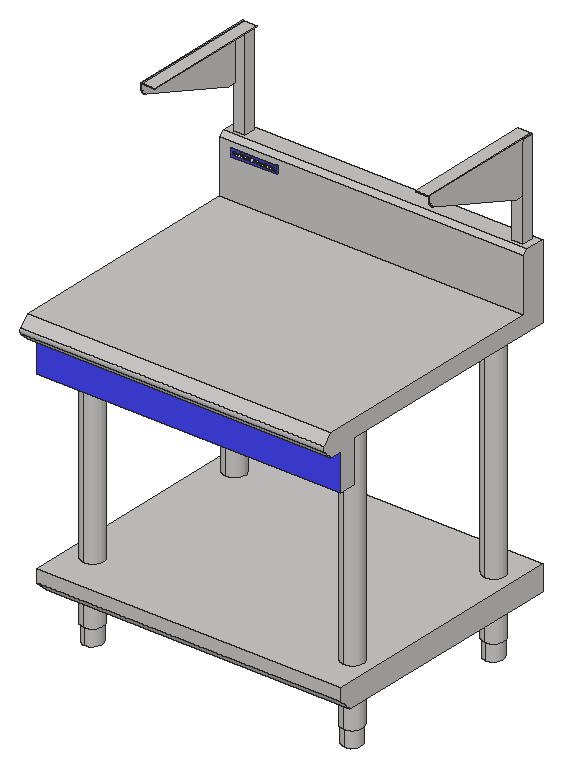
Revit family "QF_MOFFAT_BLUESEAL_CE_B90S-LS", category Specialty Equipment, Revit 2012
Parameters
  Weight in Pounds = 165  # constant formula
  Width [instance] = 900.00 mm  # constant formula
  URL Cutsheet = "www.moffat.com"
  URL = "www.moffat.com"
  Type Mark [instance] = ""
  Status [instance] = ""
  Specification by User [instance] = ""
  Specification by Manufacturer = ""
  Show Logo [instance] = yes
  Show Clearance [instance] = yes
  Show Casters [instance] = no
  Serial Number = ""
  Seismic Rating = ""
  SMACNA No = ""
  Revision Code [instance] = ""
  Omniclass Number and Title = ""
  NAFEM Spec ID Number = ""
  Model = "B90S-LS"
  Masterspec = ""
  Manufacturer = "MOFFAT BLUESEAL"
  Legs [instance] = not(Show Casters)  # yes
  Item Number [instance] = ""
  Installed By [instance] = ""
  Identify Quantity as Lot [instance] = yes
  Height = 1085.00 mm  # constant formula
  Furnished By [instance] = ""
  Foodservice Equipment Identifier [instance] = yes
  Description = "900MM BENCH TOP ON LEG STAND"
  Depth [instance] = 812.00 mm  # constant formula
  CSI MasterFormat = ""
  CSI Master Format = ""
  Body Finish [instance] = QF_Finishes_Stainless Steel
  Back Splash [instance] = 57.00 mm  # constant formula
Reference planes
  plane 1 "BACK": y = 0
  plane 2: z = 0
  plane 3 "LEFT": x = 0
  plane 4 "RIGHT": x = 900
  plane 5 "FRONT": y = -812
  plane 6 "TOP": z = 972
  plane 7 "Center Y": x = 450
  plane 8 "Center X": y = -406
  plane 9 "Base Height": z = 150
  plane 10: z = 915
  plane 11: x = 65
  plane 12: y = -625
  plane 13: y = -100
  plane 14: z = 1085
  plane 15: x = 835
Forms (mm)
  Extrusion 1, solid, material "QF_Finishes_Stainless Steel"
    sketch origin (0, 0, 0) x (0, 1, 0) y (0, 0, 1)
      loop
        line (-70, 1072.5) -> (-70, 915) -> (-783.97, 915) -> (-808.485, 890.485)
        arc (-808.485, 890.485) -> (-811.999, 882) -> (-808.485, 873.515) r 12
        line (-808.485, 873.515) -> (-784.97, 850) -> (-749, 850) -> (-749, 740) -> (-699, 740) -> (-699, 864.5) -> (0, 864.5) -> (0, 1085.5) -> (-57, 1085.5) -> (-70, 1072.5)
      loop
        line (0, 222.5) -> (-749, 222.5) -> (-749, 186) -> (-713, 150) -> (0, 150) -> (0, 222.5)
    from 0 to 900
  Revolve 2, solid, material "QF_Finishes_Stainless Steel"
    sketch origin (65, -728, 0) x (0, 1, 0) y (0, 0, 1)
      loop
        line (71.25, 864.5) -> (71.25, 50) -> (75.5, 50) -> (75.5, 0) -> (103, 0) -> (103, 864.5) -> (71.25, 864.5)
      axis (103, 864.5) -> (103, 0)
    angle from 0 to 360
  Revolve 3, solid, material "QF_Finishes_Stainless Steel", visible <- "Show Casters"
    sketch origin (15.776, -99.755, -13.653) x (1, 0, 0) y (0, 0, 1)
      loop
        line (14.841, 63.604) -> (83.584, 63.604) -> (83.584, 67.109) -> (82.314, 68.379) -> (80.79, 68.379) -> (80.79, 71.826) -> (68.644, 71.826) -> (68.644, 81.79) -> (65.088, 83.843) -> (63.738, 92.179) -> (65.881, 92.179) -> (65.881, 98.529) -> (65.088, 98.529) -> (65.088, 104.879)
        arc (65.088, 104.879) -> (62.298, 111.614) -> (55.563, 114.404) r 9.525
        line (55.563, 114.404) -> (42.863, 114.404)
        arc (42.863, 114.404) -> (36.127, 111.614) -> (33.338, 104.879) r 9.525
        line (33.338, 104.879) -> (33.338, 98.529) -> (32.544, 98.529) -> (32.544, 92.179) -> (34.687, 92.179) -> (33.352, 83.932) -> (29.782, 81.871) -> (29.782, 71.826) -> (17.635, 71.826) -> (17.635, 68.379) -> (16.111, 68.379) -> (14.841, 67.109) -> (14.841, 63.604)
      axis (14.841, 63.604) -> (83.584, 63.604)
    angle from 0 to 360
  Extrusion 4, solid, material "QF_Finishes_Stainless Steel", visible <- "Show Casters"
    sketch origin (71.501, 133.353, -8.783) x (0, 1, 0) y (0, 0, 1)
      loop
        line (-201.603, 118.783) -> (-265.103, 118.783) -> (-252.746, 53.895)
        arc (-252.746, 53.895) -> (-233.353, 38.783) -> (-213.959, 53.895) r 20
        line (-213.959, 53.895) -> (-201.603, 118.783)
    from -35.667 to 22.923
  Revolve 5, solid, material "QF_Finishes_Stainless Steel", visible <- "Show Casters"
    sketch origin (65, -203, 0) x (0, 1, 0) y (0, 0, 1)
      loop
        line (67.25, 150) -> (67.25, 110) -> (103, 110) -> (103, 150) -> (67.25, 150)
      axis (103, 150) -> (103, 110)
    angle from 0 to 360
  Revolve 6, solid, material "QF_Finishes_Stainless Steel", visible <- "Legs"
    sketch origin (65, -165, 0) x (0, 1, 0) y (0, 0, 1)
      loop
        line (33.25, 150) -> (33.25, 50) -> (37.5, 50) -> (37.5, 0) -> (65, 0) -> (65, 150) -> (33.25, 150)
      axis (65, 150) -> (65, 0)
    angle from 0 to 360
  Revolve 7, solid, material "QF_Finishes_Stainless Steel"
    sketch origin (65, -203, 150) x (0, 1, 0) y (0, 0, 1)
      loop
        line (71.25, 714.5) -> (71.25, 50) -> (75.5, 50) -> (75.5, 0) -> (103, 0) -> (103, 714.5) -> (71.25, 714.5)
      axis (103, 714.5) -> (103, 0)
    angle from 0 to 360
  Revolve 8, solid, material "QF_Finishes_Stainless Steel"
    sketch origin (835, -728, 0) x (0, 1, 0) y (0, 0, 1)
      loop
        line (71.25, 864.5) -> (71.25, 50) -> (75.5, 50) -> (75.5, 0) -> (103, 0) -> (103, 864.5) -> (71.25, 864.5)
      axis (103, 864.5) -> (103, 0)
    angle from 0 to 360
  Revolve 9, solid, material "QF_Finishes_Stainless Steel", visible <- "Show Casters"
    sketch origin (785.776, -99.755, -13.653) x (1, 0, 0) y (0, 0, 1)
      loop
        line (14.841, 63.604) -> (83.584, 63.604) -> (83.584, 67.109) -> (82.314, 68.379) -> (80.79, 68.379) -> (80.79, 71.826) -> (68.644, 71.826) -> (68.644, 81.79) -> (65.088, 83.843) -> (63.738, 92.179) -> (65.881, 92.179) -> (65.881, 98.529) -> (65.088, 98.529) -> (65.088, 104.879)
        arc (65.088, 104.879) -> (62.298, 111.614) -> (55.563, 114.404) r 9.525
        line (55.563, 114.404) -> (42.863, 114.404)
        arc (42.863, 114.404) -> (36.127, 111.614) -> (33.338, 104.879) r 9.525
        line (33.338, 104.879) -> (33.338, 98.529) -> (32.544, 98.529) -> (32.544, 92.179) -> (34.687, 92.179) -> (33.352, 83.932) -> (29.782, 81.871) -> (29.782, 71.826) -> (17.635, 71.826) -> (17.635, 68.379) -> (16.111, 68.379) -> (14.841, 67.109) -> (14.841, 63.604)
      axis (14.841, 63.604) -> (83.584, 63.604)
    angle from 0 to 360
  Extrusion 10, solid, material "QF_Finishes_Stainless Steel", visible <- "Show Casters"
    sketch origin (841.501, 133.353, -8.783) x (0, 1, 0) y (0, 0, 1)
      loop
        line (-201.603, 118.783) -> (-265.103, 118.783) -> (-252.746, 53.895)
        arc (-252.746, 53.895) -> (-233.353, 38.783) -> (-213.959, 53.895) r 20
        line (-213.959, 53.895) -> (-201.603, 118.783)
    from -35.667 to 22.923
  Revolve 11, solid, material "QF_Finishes_Stainless Steel", visible <- "Show Casters"
    sketch origin (835, -203, 0) x (0, 1, 0) y (0, 0, 1)
      loop
        line (67.25, 150) -> (67.25, 110) -> (103, 110) -> (103, 150) -> (67.25, 150)
      axis (103, 150) -> (103, 110)
    angle from 0 to 360
  Revolve 12, solid, material "QF_Finishes_Stainless Steel", visible <- "Legs"
    sketch origin (835, -165, 0) x (0, 1, 0) y (0, 0, 1)
      loop
        line (33.25, 150) -> (33.25, 50) -> (37.5, 50) -> (37.5, 0) -> (65, 0) -> (65, 150) -> (33.25, 150)
      axis (65, 150) -> (65, 0)
    angle from 0 to 360
  Revolve 13, solid, material "QF_Finishes_Stainless Steel"
    sketch origin (835, -203, 150) x (0, 1, 0) y (0, 0, 1)
      loop
        line (71.25, 714.5) -> (71.25, 50) -> (75.5, 50) -> (75.5, 0) -> (103, 0) -> (103, 714.5) -> (71.25, 714.5)
      axis (103, 714.5) -> (103, 0)
    angle from 0 to 360
  Extrusion 14, solid, material "QF_Finishes_Stainless Steel" <- "Body Finish"
    sketch origin (0, 0, 158) x (0, 1, 0) y (0, 0, 1)
      loop
        line (-13, 1204.5) -> (-45, 1204.5) -> (-45, 927) -> (-13, 927) -> (-13, 1204.5)
    from 21.5 to 53.5
  Extrusion 15, solid, material "QF_Finishes_Stainless Steel" <- "Body Finish"
    sketch origin (0, 0, 158) x (0, 1, 0) y (0, 0, 1)
      loop
        line (-391, 1207) -> (-391, 1194.344)
        arc (-391, 1194.344) -> (-386.541, 1180.094) -> (-374.754, 1170.927) r 25
        line (-374.754, 1170.927) -> (-70, 1057) -> (-13, 1057) -> (-13, 1207) -> (-391, 1207)
    from 21.5 to 24.592
  Extrusion 16, solid, material "QF_Finishes_Stainless Steel" <- "Body Finish"
    sketch origin (0, -45, 1362.5) x (0, 1, 0) y (-1, 0, 0)
      loop
        line (32, -24.592) -> (-346, -24.592) -> (-346, -64) -> (32, -64) -> (32, -24.592)
    from 0 to 2.5
  Extrusion 17, solid, material "QF_Finishes_Stainless Steel" <- "Body Finish"
    sketch origin (900, 0, 158) x (0, -1, 0) y (0, 0, 1)
      loop
        line (13, 1204.5) -> (13, 927) -> (45, 927) -> (45, 1204.5) -> (13, 1204.5)
    from 21.5 to 53.5
  Extrusion 18, solid, material "QF_Finishes_Stainless Steel" <- "Body Finish"
    sketch origin (900, 0, 158) x (0, -1, 0) y (0, 0, 1)
      loop
        line (391, 1207) -> (13, 1207) -> (13, 1057) -> (70, 1057) -> (374.754, 1170.927)
        arc (374.754, 1170.927) -> (386.541, 1180.094) -> (391, 1194.344) r 25
        line (391, 1194.344) -> (391, 1207)
    from 21.5 to 24.592
  Extrusion 19, solid, material "QF_Finishes_Stainless Steel" <- "Body Finish"
    sketch origin (900, -45, 1362.5) x (0, 1, 0) y (-1, 0, 0)
      loop
        line (32, 24.592) -> (32, 64) -> (-346, 64) -> (-346, 24.592) -> (32, 24.592)
    from 0 to 2.5
  Extrusion 20, solid, material "QF_Clearance", visible <- "Show Clearance", detail levels coarse
    sketch origin (0, -391, 1365) x (0, 1, 0) y (-1, 0, 0)
      loop
        line (378, -21.5) -> (0, -21.5) -> (0, -878.5) -> (378, -878.5) -> (378, -21.5)
    from 0 to 405
Lines and regions (mm)
  Split face 1
    outline origin (375, 0, 1085.5) x (-1, 0, 0) y (0, -1, 0)
      loop
        arc (342.206, 18.385) -> (350.866, 23.385) -> (350.866, 33.385) r 10
        line (350.866, 33.385) -> (346.824, 40.385)
        arc (346.824, 40.385) -> (343.164, 44.045) -> (338.164, 45.385) r 10
        line (338.164, 45.385) -> (110.206, 45.385)
        arc (110.206, 45.385) -> (101.545, 40.385) -> (101.545, 30.385) r 10
        line (101.545, 30.385) -> (105.587, 23.385)
        arc (105.587, 23.385) -> (109.247, 19.725) -> (114.247, 18.385) r 10
        line (114.247, 18.385) -> (342.206, 18.385)
  Split face 2
    outline origin (904.484, 0, 1085.5) x (-1, 0, 0) y (0, -1, 0)
      loop
        arc (271.69, 18.385) -> (280.35, 23.385) -> (280.35, 33.385) r 10
        line (280.35, 33.385) -> (276.309, 40.385)
        arc (276.309, 40.385) -> (272.649, 44.045) -> (267.649, 45.385) r 10
        line (267.649, 45.385) -> (39.69, 45.385)
        arc (39.69, 45.385) -> (31.03, 40.385) -> (31.03, 30.385) r 10
        line (31.03, 30.385) -> (35.071, 23.385)
        arc (35.071, 23.385) -> (38.731, 19.725) -> (43.731, 18.385) r 10
        line (43.731, 18.385) -> (271.69, 18.385)
  Split face 3
    outline origin (604.484, 0, 1085.5) x (-1, 0, 0) y (0, -1, 0)
      loop
        arc (271.69, 18.385) -> (280.35, 23.385) -> (280.35, 33.385) r 10
        line (280.35, 33.385) -> (276.309, 40.385)
        arc (276.309, 40.385) -> (272.649, 44.045) -> (267.649, 45.385) r 10
        line (267.649, 45.385) -> (39.69, 45.385)
        arc (39.69, 45.385) -> (31.03, 40.385) -> (31.03, 30.385) r 10
        line (31.03, 30.385) -> (35.071, 23.385)
        arc (35.071, 23.385) -> (38.731, 19.725) -> (43.731, 18.385) r 10
        line (43.731, 18.385) -> (271.69, 18.385)
  symbolic lines
    curve 1: line (0, 0, 0) -> (0, -812, 0)
    curve 2: line (900, 0, 0) -> (0, 0, 0)
    curve 3: line (900, -812, 0) -> (900, 0, 0)
    curve 4: line (0, -70, 0) -> (900, -70, 0)
    curve 5: line (0, -812, 0) -> (900, -812, 0)
    curve 14: line (36.836, -45.385, 0) -> (264.794, -45.385, 0)
    curve 15: arc (264.794, -45.385, 0) -> (273.455, -40.385, 0) -> (273.455, -30.385, 0) r 10
    curve 16: line (273.455, -30.385, 0) -> (269.413, -23.385, 0)
    curve 17: arc (269.413, -23.385, 0) -> (265.753, -19.725, 0) -> (260.753, -18.385, 0) r 10
    curve 18: line (260.753, -18.385, 0) -> (32.794, -18.385, 0)
    curve 19: arc (32.794, -18.385, 0) -> (24.134, -23.385, 0) -> (24.134, -33.385, 0) r 10
    curve 20: line (24.134, -33.385, 0) -> (28.176, -40.385, 0)
    curve 21: arc (28.176, -40.385, 0) -> (31.836, -44.045, 0) -> (36.836, -45.385, 0) r 10
    curve 22: line (636.836, -45.385, 0) -> (864.794, -45.385, 0)
    curve 23: arc (864.794, -45.385, 0) -> (873.455, -40.385, 0) -> (873.455, -30.385, 0) r 10
    curve 24: line (873.455, -30.385, 0) -> (869.413, -23.385, 0)
    curve 25: arc (869.413, -23.385, 0) -> (865.753, -19.725, 0) -> (860.753, -18.385, 0) r 10
    curve 26: line (860.753, -18.385, 0) -> (632.794, -18.385, 0)
    curve 27: arc (632.794, -18.385, 0) -> (624.134, -23.385, 0) -> (624.134, -33.385, 0) r 10
    curve 28: line (624.134, -33.385, 0) -> (628.176, -40.385, 0)
    curve 29: arc (628.176, -40.385, 0) -> (631.836, -44.045, 0) -> (636.836, -45.385, 0) r 10
    curve 30: line (336.836, -45.385, 0) -> (564.794, -45.385, 0)
    curve 31: arc (564.794, -45.385, 0) -> (573.455, -40.385, 0) -> (573.455, -30.385, 0) r 10
    curve 32: line (573.455, -30.385, 0) -> (569.413, -23.385, 0)
    curve 33: arc (569.413, -23.385, 0) -> (565.753, -19.725, 0) -> (560.753, -18.385, 0) r 10
    curve 34: line (560.753, -18.385, 0) -> (332.794, -18.385, 0)
    curve 35: arc (332.794, -18.385, 0) -> (324.134, -23.385, 0) -> (324.134, -33.385, 0) r 10
    curve 36: line (324.134, -33.385, 0) -> (328.176, -40.385, 0)
    curve 37: arc (328.176, -40.385, 0) -> (331.836, -44.045, 0) -> (336.836, -45.385, 0) r 10
    curve 42: line (21.48, -13, 0) -> (21.48, -391, 0)
    curve 43: line (63.98, -391, 0) -> (63.98, -13, 0)
    curve 44: line (63.98, -13, 0) -> (21.48, -13, 0)
    curve 45: line (878.52, -13, 0) -> (878.52, -391, 0)
    curve 46: line (878.52, -391, 0) -> (836.02, -391, 0)
    curve 47: line (836.02, -391, 0) -> (836.02, -13, 0)
    curve 48: line (836.02, -13, 0) -> (878.52, -13, 0)
    curve 49: line (21.48, -391, 0) -> (63.98, -391, 0)
  symbolic lines, style "SpecialityEquipmentHiddenLines", visible <- "Show Casters"
    curve 6: line (78.456, -47.735, 0) -> (105.952, -63.61, 0)
    curve 7: line (27.656, -135.723, 0) -> (78.456, -47.735, 0)
    curve 8: line (55.152, -151.598, 0) -> (27.656, -135.723, 0)
    curve 9: line (105.952, -63.61, 0) -> (55.152, -151.598, 0)
    curve 10: line (840.793, -47.151, 0) -> (868.289, -63.026, 0)
    curve 11: line (789.993, -135.139, 0) -> (840.793, -47.151, 0)
    curve 12: line (817.489, -151.014, 0) -> (789.993, -135.139, 0)
    curve 13: line (868.289, -63.026, 0) -> (817.489, -151.014, 0)
  symbolic lines, style "QF_Clearances", visible <- "Show Clearance", detail levels coarse
    curve 38: line (21.48, -13, 0) -> (21.48, -391, 0)
    curve 39: line (21.48, -391, 0) -> (878.52, -391, 0)
    curve 40: line (878.52, -391, 0) -> (878.52, -13, 0)
    curve 41: line (878.52, -13, 0) -> (21.48, -13, 0)
Dimensions and locks
  equal spacing: plane 3 "LEFT", plane 7 "Center Y", plane 4 "RIGHT"
  "Width": plane 3 "LEFT" to plane 4 "RIGHT"
  equal spacing: plane 5 "FRONT", plane 8 "Center X", plane 1 "BACK"
  "Depth": plane 5 "FRONT" to plane 1 "BACK"
  locked: plane 10 to level at 915
  locked: plane 9 "Base Height" to level at 150
  plane 6 "TOP" to plane 10 = 57.00 mm
  plane 12 to plane 13 = 525.00 mm
  "Height": plane 14 to level
  Revolve 3 sketch curve to Revolve 3 sketch curve = 50.80 mm
  Revolve 9 sketch curve to Revolve 9 sketch curve = 50.80 mm
  aligned and locked: level to plane 2
Automatic sketch dimensions
  Extrusion 1 sketch curve to plane 10 = 0.00 mm
  Extrusion 1 sketch curve to plane 9 "Base Height" = 0.00 mm
  Extrusion 1 sketch curve to plane 1 "BACK" = 0.00 mm  (x2)
  plane 14 to Extrusion 1 sketch curve = 0.50 mm
  plane 13 to Extrusion 1 sketch curve = 43.00 mm
  Extrusion 1 sketch curve to Extrusion 1 sketch curve = 13.00 mm
  Extrusion 1 sketch curve to plane 12 = 74.00 mm
  Extrusion 1 sketch curve to plane 12 = 88.00 mm
  Extrusion 1 sketch curve to Extrusion 1 sketch curve = 50.00 mm
  Extrusion 1 sketch curve to Extrusion 1 sketch curve = 36.00 mm
  Extrusion 1 sketch curve to plane 5 "FRONT" = 28.03 mm
  Extrusion 1 sketch curve to plane 5 "FRONT" = 27.03 mm
  Extrusion 1 sketch curve to plane 5 "FRONT" = 12.001 mm
  Extrusion 1 sketch curve to plane 5 "FRONT" = 3.515 mm  (x2)
  plane 9 "Base Height" to Extrusion 1 sketch curve = 36.00 mm
  Extrusion 1 sketch curve to Extrusion 1 sketch curve = 36.50 mm
  Extrusion 1 sketch curve to plane 10 = 175.00 mm
  Extrusion 1 sketch curve to plane 10 = 65.00 mm
  Extrusion 1 sketch curve to plane 10 = 50.50 mm
  Extrusion 1 sketch curve to Extrusion 1 sketch curve = 23.515 mm
  Extrusion 1 sketch curve to Extrusion 1 sketch curve = 8.485 mm
  Extrusion 1 sketch curve to plane 14 = 12.50 mm
  Split face 1 sketch curve to Extrusion 1 = 26.615 mm
  Split face 1 sketch curve to Extrusion 1 = 273.455 mm
  Split face 1 sketch curve to Split face 1 sketch curve = 4.041 mm  (x4)
  Split face 1 sketch curve to Split face 1 sketch curve = 8.66 mm  (x2)
  Split face 1 sketch curve to Extrusion 1 = 11.615 mm
  Split face 1 sketch curve to Extrusion 1 = 36.836 mm
  Split face 1 sketch curve to Split face 1 sketch curve = 7.00 mm  (x3)
  Split face 1 sketch curve to Split face 1 sketch curve = 17.00 mm
  Split face 2 sketch curve to Extrusion 1 = 26.545 mm
  Split face 2 sketch curve to Split face 2 sketch curve = 4.041 mm  (x4)
  Split face 2 sketch curve to Split face 2 sketch curve = 8.66 mm  (x2)
  Split face 2 sketch curve to Extrusion 1 = 11.615 mm
  Split face 2 sketch curve to Split face 2 sketch curve = 223.917 mm
  Split face 2 sketch curve to Split face 2 sketch curve = 5.00 mm
  Split face 2 sketch curve to Split face 2 sketch curve = 10.00 mm
  Split face 2 sketch curve to Split face 2 sketch curve = 7.00 mm  (x3)
  Split face 3 sketch curve to Extrusion 1 = 26.615 mm
  Split face 3 sketch curve to Extrusion 1 = 326.545 mm
  Split face 3 sketch curve to Split face 3 sketch curve = 4.041 mm  (x4)
  Split face 3 sketch curve to Split face 3 sketch curve = 8.66 mm  (x2)
  Split face 3 sketch curve to Extrusion 1 = 11.615 mm
  Split face 3 sketch curve to Split face 3 sketch curve = 223.917 mm
  Split face 3 sketch curve to Split face 3 sketch curve = 7.00 mm  (x3)
  Split face 3 sketch curve to Split face 3 sketch curve = 17.00 mm
  Revolve 2 sketch curve to level = 0.00 mm
  Revolve 2 sketch curve to plane 12 = 0.00 mm  (x2)
  Revolve 2 sketch curve to plane 12 = 27.50 mm
  Revolve 2 sketch curve to Revolve 2 sketch curve = 31.75 mm
  Revolve 2 sketch curve to Revolve 2 sketch curve = 55.00 mm
  level to Revolve 2 sketch curve = 50.00 mm
  Revolve 2 sketch curve to Revolve 2 sketch curve = 0.00 mm
  Revolve 2 sketch curve to plane 10 = 50.50 mm
  plane 3 "LEFT" to Revolve 3 sketch curve = 30.618 mm
  Revolve 3 sketch curve to Revolve 3 sketch curve = 1.27 mm  (x4)
  Revolve 3 sketch curve to Revolve 3 sketch curve = 1.524 mm  (x2)
  Revolve 3 sketch curve to Revolve 3 sketch curve = 12.146 mm  (x2)
  Revolve 3 sketch curve to plane 11 = 16.68 mm
  Revolve 3 sketch curve to Revolve 3 sketch curve = 0.794 mm  (x2)
  Revolve 3 sketch curve to Revolve 3 sketch curve = 3.57 mm
  Revolve 3 sketch curve to Revolve 3 sketch curve = 2.143 mm
  Revolve 3 sketch curve to plane 11 = 6.361 mm
  plane 11 to Revolve 3 sketch curve = 5.13 mm
  plane 11 to Revolve 3 sketch curve = 6.339 mm
  plane 11 to Revolve 3 sketch curve = 14.515 mm
  Revolve 3 sketch curve to Revolve 3 sketch curve = 1.349 mm  (x2)
  Revolve 3 sketch curve to Revolve 3 sketch curve = 3.556 mm
  Revolve 3 sketch curve to Revolve 3 sketch curve = 33.32 mm
  level to Revolve 3 sketch curve = 49.952 mm
  Revolve 3 sketch curve to Revolve 3 sketch curve = 0.00 mm
  Revolve 3 sketch curve to Revolve 3 sketch curve = 3.505 mm  (x2)
  Revolve 3 sketch curve to Revolve 3 sketch curve = 3.447 mm  (x2)
  Revolve 3 sketch curve to Revolve 3 sketch curve = 9.964 mm
  Revolve 3 sketch curve to Revolve 3 sketch curve = 10.045 mm
  Revolve 3 sketch curve to Revolve 3 sketch curve = 2.053 mm
  Revolve 3 sketch curve to Revolve 3 sketch curve = 2.061 mm
  Revolve 3 sketch curve to Revolve 3 sketch curve = 8.247 mm
  Revolve 3 sketch curve to Revolve 3 sketch curve = 8.336 mm
  Revolve 3 sketch curve to Revolve 3 sketch curve = 6.35 mm  (x2)
  Extrusion 4 sketch curve to plane 13 = 0.00 mm
  Extrusion 4 sketch curve to plane 13 = 19.393 mm
  Extrusion 4 sketch curve to plane 13 = 31.75 mm
  plane 13 to Extrusion 4 sketch curve = 19.393 mm
  plane 13 to Extrusion 4 sketch curve = 31.75 mm
  level to Extrusion 4 sketch curve = 45.111 mm
  Extrusion 4 sketch curve to Extrusion 4 sketch curve = 4.889 mm
  Extrusion 4 sketch curve to plane 9 "Base Height" = 40.00 mm
  Revolve 5 sketch curve to plane 9 "Base Height" = 0.00 mm
  Revolve 5 sketch curve to plane 13 = 0.00 mm  (x2)
  Revolve 5 sketch curve to plane 13 = 35.75 mm
  Revolve 5 sketch curve to Revolve 5 sketch curve = 40.00 mm
  level to Revolve 5 sketch curve = 50.00 mm
  Revolve 5 sketch curve to level = 55.00 mm
  Revolve 6 sketch curve to plane 9 "Base Height" = 0.00 mm
  Revolve 6 sketch curve to level = 0.00 mm
  Revolve 6 sketch curve to plane 13 = 0.00 mm  (x2)
  Revolve 6 sketch curve to Revolve 6 sketch curve = 27.50 mm
  Revolve 6 sketch curve to Revolve 6 sketch curve = 31.75 mm
  Revolve 6 sketch curve to level = 55.00 mm
  Revolve 6 sketch curve to Revolve 6 sketch curve = 50.00 mm
  Revolve 6 sketch curve to Revolve 6 sketch curve = 0.00 mm
  Revolve 7 sketch curve to plane 9 "Base Height" = 0.00 mm
  Revolve 7 sketch curve to plane 13 = 0.00 mm  (x2)
  Revolve 7 sketch curve to plane 13 = 27.50 mm
  Revolve 7 sketch curve to Revolve 7 sketch curve = 31.75 mm
  Revolve 7 sketch curve to Revolve 7 sketch curve = 55.00 mm
  plane 9 "Base Height" to Revolve 7 sketch curve = 50.00 mm
  Revolve 7 sketch curve to Revolve 7 sketch curve = 0.00 mm
  Revolve 7 sketch curve to plane 10 = 50.50 mm
  Revolve 8 sketch curve to level = 0.00 mm
  Revolve 8 sketch curve to plane 12 = 0.00 mm  (x2)
  Revolve 8 sketch curve to plane 12 = 27.50 mm
  Revolve 8 sketch curve to Revolve 8 sketch curve = 31.75 mm
  Revolve 8 sketch curve to Revolve 8 sketch curve = 55.00 mm
  level to Revolve 8 sketch curve = 50.00 mm
  Revolve 8 sketch curve to Revolve 8 sketch curve = 0.00 mm
  Revolve 8 sketch curve to plane 10 = 50.50 mm
  plane 15 to Revolve 9 sketch curve = 34.382 mm
  Revolve 9 sketch curve to Revolve 9 sketch curve = 1.27 mm  (x4)
  Revolve 9 sketch curve to Revolve 9 sketch curve = 1.524 mm  (x2)
  Revolve 9 sketch curve to Revolve 9 sketch curve = 12.146 mm  (x2)
  plane 15 to Revolve 9 sketch curve = 16.68 mm
  Revolve 9 sketch curve to Revolve 9 sketch curve = 0.794 mm  (x2)
  Revolve 9 sketch curve to Revolve 9 sketch curve = 3.57 mm
  Revolve 9 sketch curve to Revolve 9 sketch curve = 2.143 mm
  plane 15 to Revolve 9 sketch curve = 6.361 mm
  Revolve 9 sketch curve to plane 15 = 5.13 mm
  Revolve 9 sketch curve to plane 15 = 6.339 mm
  Revolve 9 sketch curve to plane 15 = 14.515 mm
  Revolve 9 sketch curve to Revolve 9 sketch curve = 1.349 mm  (x2)
  Revolve 9 sketch curve to Revolve 9 sketch curve = 3.556 mm
  Revolve 9 sketch curve to plane 4 "RIGHT" = 2.68 mm
  level to Revolve 9 sketch curve = 49.952 mm
  Revolve 9 sketch curve to Revolve 9 sketch curve = 0.00 mm
  Revolve 9 sketch curve to Revolve 9 sketch curve = 3.505 mm  (x2)
  Revolve 9 sketch curve to Revolve 9 sketch curve = 3.447 mm  (x2)
  Revolve 9 sketch curve to Revolve 9 sketch curve = 9.964 mm
  Revolve 9 sketch curve to Revolve 9 sketch curve = 10.045 mm
  Revolve 9 sketch curve to Revolve 9 sketch curve = 2.053 mm
  Revolve 9 sketch curve to Revolve 9 sketch curve = 2.061 mm
  Revolve 9 sketch curve to Revolve 9 sketch curve = 8.247 mm
  Revolve 9 sketch curve to Revolve 9 sketch curve = 8.336 mm
  Revolve 9 sketch curve to Revolve 9 sketch curve = 6.35 mm  (x2)
  Extrusion 10 sketch curve to plane 13 = 0.00 mm
  Extrusion 10 sketch curve to plane 13 = 19.393 mm
  Extrusion 10 sketch curve to plane 13 = 31.75 mm
  plane 13 to Extrusion 10 sketch curve = 19.393 mm
  plane 13 to Extrusion 10 sketch curve = 31.75 mm
  level to Extrusion 10 sketch curve = 45.111 mm
  Extrusion 10 sketch curve to Extrusion 10 sketch curve = 4.889 mm
  Extrusion 10 sketch curve to plane 9 "Base Height" = 40.00 mm
  Revolve 11 sketch curve to plane 9 "Base Height" = 0.00 mm
  Revolve 11 sketch curve to plane 13 = 0.00 mm  (x2)
  Revolve 11 sketch curve to plane 13 = 35.75 mm
  Revolve 11 sketch curve to Revolve 11 sketch curve = 40.00 mm
  level to Revolve 11 sketch curve = 50.00 mm
  Revolve 11 sketch curve to level = 55.00 mm
  Revolve 12 sketch curve to plane 9 "Base Height" = 0.00 mm
  Revolve 12 sketch curve to level = 0.00 mm
  Revolve 12 sketch curve to plane 13 = 0.00 mm  (x2)
  Revolve 12 sketch curve to Revolve 12 sketch curve = 27.50 mm
  Revolve 12 sketch curve to Revolve 12 sketch curve = 31.75 mm
  Revolve 12 sketch curve to level = 55.00 mm
  Revolve 12 sketch curve to Revolve 12 sketch curve = 50.00 mm
  Revolve 12 sketch curve to Revolve 12 sketch curve = 0.00 mm
  Revolve 13 sketch curve to plane 9 "Base Height" = 0.00 mm
  Revolve 13 sketch curve to plane 13 = 0.00 mm  (x2)
  Revolve 13 sketch curve to plane 13 = 27.50 mm
  Revolve 13 sketch curve to Revolve 13 sketch curve = 31.75 mm
  Revolve 13 sketch curve to Revolve 13 sketch curve = 55.00 mm
  plane 9 "Base Height" to Revolve 13 sketch curve = 50.00 mm
  Revolve 13 sketch curve to Revolve 13 sketch curve = 0.00 mm
  Revolve 13 sketch curve to plane 10 = 50.50 mm
  level to Extrusion 14 sketch curve = 1362.50 mm
  plane 1 "BACK" to Extrusion 14 sketch curve = 45.00 mm
  plane 1 "BACK" to Extrusion 14 sketch curve = 13.00 mm
  level to Extrusion 14 sketch curve = 1085.00 mm
  level to Extrusion 15 sketch curve = 1365.00 mm
  plane 8 "Center X" to Extrusion 15 sketch curve = 15.00 mm
  Extrusion 15 sketch curve to Extrusion 15 sketch curve = 16.246 mm
  level to Extrusion 15 sketch curve = 1352.344 mm
  Extrusion 15 sketch curve to Extrusion 15 sketch curve = 8.754 mm
  plane 13 to Extrusion 15 sketch curve = 30.00 mm
  plane 1 "BACK" to Extrusion 15 sketch curve = 13.00 mm
  level to Extrusion 15 sketch curve = 1215.00 mm
  Extrusion 14 to Extrusion 16 sketch curve = 0.00 mm
  Extrusion 14 to Extrusion 16 sketch curve = 3.092 mm
  Extrusion 14 to Extrusion 16 sketch curve = 346.00 mm
  Extrusion 16 sketch curve to Extrusion 14 = 10.50 mm
  level to Extrusion 17 sketch curve = 1362.50 mm
  plane 1 "BACK" to Extrusion 17 sketch curve = 13.00 mm
  Extrusion 17 sketch curve to Extrusion 17 sketch curve = 32.00 mm
  Extrusion 17 sketch curve to Extrusion 17 sketch curve = 277.50 mm
  level to Extrusion 18 sketch curve = 1365.00 mm
  plane 1 "BACK" to Extrusion 18 sketch curve = 13.00 mm
  plane 13 to Extrusion 18 sketch curve = 30.00 mm
  level to Extrusion 18 sketch curve = 1352.344 mm
  plane 8 "Center X" to Extrusion 18 sketch curve = 40.00 mm
  Extrusion 18 sketch curve to Extrusion 18 sketch curve = 8.754 mm
  plane 8 "Center X" to Extrusion 18 sketch curve = 15.00 mm
  level to Extrusion 18 sketch curve = 1215.00 mm
  Extrusion 19 sketch curve to plane 15 = 1.00 mm
  plane 8 "Center X" to Extrusion 19 sketch curve = 15.00 mm
  plane 1 "BACK" to Extrusion 19 sketch curve = 13.00 mm
  plane 4 "RIGHT" to Extrusion 19 sketch curve = 24.592 mm
  plane 8 "Center X" to Extrusion 20 sketch curve = 15.00 mm
  plane 1 "BACK" to Extrusion 20 sketch curve = 13.00 mm
  plane 4 "RIGHT" to Extrusion 20 sketch curve = 21.50 mm
  plane 3 "LEFT" to Extrusion 20 sketch curve = 21.50 mm
  plane 1 "BACK" to curve 1 = 0.00 mm
  curve 1 to plane 3 "LEFT" = 0.00 mm
  curve 3 to plane 4 "RIGHT" = 0.00 mm
  plane 5 "FRONT" to curve 5 = 0.00 mm
  plane 3 "LEFT" to curve 42 = 21.48 mm
  curve 38 to curve 20 = 2.654 mm
  plane 3 "LEFT" to curve 8 = 27.656 mm
  curve 19 to curve 21 = 4.041 mm
  curve 38 to curve 18 = 11.314 mm
  curve 20 to curve 21 = 8.66 mm
  curve 8 to plane 11 = 9.848 mm
  curve 43 to plane 11 = 1.02 mm
  plane 11 to curve 7 = 13.456 mm
  plane 1 "BACK" to curve 18 = 18.385 mm
  curve 6 to curve 18 = 154.801 mm
  curve 17 to curve 15 = 4.041 mm
  curve 17 to curve 17 = 8.66 mm
  curve 16 to curve 15 = 4.041 mm
  plane 1 "BACK" to curve 36 = 33.385 mm
  curve 16 to curve 36 = 50.679 mm
  curve 35 to curve 37 = 4.041 mm
  curve 35 to curve 35 = 8.66 mm
  curve 36 to curve 37 = 8.66 mm
  plane 1 "BACK" to curve 33 = 18.385 mm
  plane 7 "Center Y" to curve 33 = 110.753 mm
  curve 33 to curve 30 = 4.041 mm
  curve 33 to curve 33 = 8.66 mm
  curve 33 to curve 31 = 4.041 mm
  curve 32 to curve 27 = 50.679 mm
  plane 1 "BACK" to curve 28 = 40.385 mm
  curve 27 to curve 28 = 4.041 mm
  curve 27 to curve 26 = 8.66 mm
  curve 29 to curve 29 = 8.66 mm
  plane 15 to curve 12 = 45.007 mm
  plane 15 to curve 13 = 17.511 mm
  curve 47 to plane 15 = 1.02 mm
  curve 11 to plane 15 = 5.793 mm
  curve 47 to curve 26 = 24.733 mm
  curve 25 to curve 23 = 4.041 mm
  curve 25 to curve 25 = 8.66 mm
  curve 25 to curve 24 = 4.041 mm
  curve 25 to curve 41 = 9.107 mm
  plane 8 "Center X" to curve 46 = 15.00 mm
  curve 9 to plane 13 = 51.598 mm
  curve 12 to plane 13 = 51.014 mm
  curve 8 to curve 7 = 15.875 mm
  curve 12 to curve 12 = 15.875 mm
  plane 13 to curve 4 = 30.00 mm
  curve 15 to curve 18 = 27.00 mm
  curve 37 to curve 35 = 17.00 mm
  curve 29 to curve 29 = 5.00 mm
  curve 14 to curve 21 = 5.00 mm
  curve 36 to curve 35 = 7.00 mm
  curve 22 to curve 23 = 10.00 mm
  curve 14 to curve 15 = 10.00 mm
  curve 30 to curve 31 = 10.00 mm
  curve 28 to curve 27 = 7.00 mm
  curve 21 to curve 19 = 7.00 mm
  curve 29 to curve 27 = 7.00 mm
  curve 31 to curve 33 = 7.00 mm
  curve 23 to curve 25 = 7.00 mm
  curve 15 to curve 17 = 7.00 mm
  curve 19 to curve 42 = 5.385 mm
Nested families
  nested 1: "WALDORF LOGO_FACE BASE" at (32.128, -70, 1056.422) x (1, 0, 0) z (0, -1, 0), visible <- "Show Logo", type "WALDORF LOGO_FACE BASE", detail levels medium+fine
    with Show Logo yes
Definition of nested family "WALDORF LOGO_FACE BASE"
  Parameters (values of type "WALDORF LOGO_FACE BASE")
    Show Logo [instance] = yes
    Default Elevation = 1219.20 mm
  Reference planes
    plane 1 "Center (Front/Back)": y = 0
    plane 2: z = 0
    plane 3 "Center (Left/Right)": x = 0
  Forms (mm)
    Extrusion 1, solid
      sketch origin (0, 0, 0) x (1, 0, 0) y (0, 1, 0)
        loop
          line (-1219.2, 1219.2) -> (-1219.2, -1219.2) -> (1219.2, -1219.2) -> (1219.2, 1219.2) -> (-1219.2, 1219.2)
      from 0 to -304.8
    Extrusion 2, solid, material "QF_Finishes_Blue", visible <- "Show Logo"
      sketch origin (0, -33.217, 0) x (1, 0, 0) y (0, 1, 0)
        loop
          arc (138, 31.942) -> (137.626, 32.844) -> (136.724, 33.217) r 1.276
          line (136.724, 33.217) -> (1.29, 33.217)
          arc (1.29, 33.217) -> (0.378, 32.839) -> (0, 31.927) r 1.29
          line (0, 31.927) -> (0, 11.507)
          arc (0, 11.507) -> (0.378, 10.595) -> (1.29, 10.217) r 1.29
          line (1.29, 10.217) -> (136.71, 10.217)
          arc (136.71, 10.217) -> (137.622, 10.595) -> (138, 11.507) r 1.29
          line (138, 11.507) -> (138, 31.942)
      from 0 to 1.588
    Extrusion 3, solid, material "QF_Finishes_White", visible <- "Show Logo"
      sketch origin (0, -33.217, 1.588) x (1, 0, 0) y (0, 1, 0)
        loop
          arc (108.946, 25.919) -> (107.613, 25.367) -> (107.061, 24.034) r 1.885
          line (107.061, 24.034) -> (107.061, 17.211) -> (112.704, 17.211) -> (112.704, 19.129) -> (115.546, 19.129) -> (115.546, 17.211) -> (121.584, 17.211) -> (121.584, 24.075)
          arc (121.584, 24.075) -> (121.043, 25.379) -> (119.739, 25.919) r 1.845
          line (119.739, 25.919) -> (108.946, 25.919)
        loop
          line (123.478, 25.919) -> (123.478, 17.163) -> (134.904, 17.163) -> (134.904, 19.129) -> (129.246, 19.129) -> (129.246, 25.919) -> (123.478, 25.919)
        loop
          line (112.704, 21.258) -> (115.546, 21.258) -> (115.546, 22.702)
          arc (115.546, 22.702) -> (115.344, 23.188) -> (114.858, 23.389) r 0.687
          line (114.858, 23.389) -> (113.363, 23.389)
          arc (113.363, 23.389) -> (112.897, 23.196) -> (112.704, 22.73) r 0.658
          line (112.704, 22.73) -> (112.704, 21.258)
        loop
          line (105.071, 25.919) -> (93.771, 25.919) -> (93.771, 17.163) -> (105.071, 17.163) -> (105.071, 19.063) -> (99.535, 19.063) -> (99.535, 20.437) -> (105.071, 20.437) -> (105.071, 22.278) -> (99.535, 22.278) -> (99.535, 23.587) -> (105.071, 23.587) -> (105.071, 25.919)
        loop
          line (91.104, 25.919) -> (79.541, 25.919)
          arc (79.541, 25.919) -> (78.558, 25.513) -> (78.152, 24.53) r 1.389
          line (78.152, 24.53) -> (78.152, 22.08)
          arc (78.152, 22.08) -> (78.558, 21.098) -> (79.541, 20.691) r 1.389
          line (79.541, 20.691) -> (86.346, 20.691) -> (86.346, 18.864) -> (83.266, 18.864) -> (83.266, 19.664) -> (78.152, 19.664) -> (78.152, 18.553)
          arc (78.152, 18.553) -> (78.558, 17.57) -> (79.541, 17.163) r 1.389
          line (79.541, 17.163) -> (91.063, 17.163)
          arc (91.063, 17.163) -> (92.045, 17.57) -> (92.452, 18.553) r 1.389
          line (92.452, 18.553) -> (92.452, 20.691)
          arc (92.452, 20.691) -> (92.045, 21.673) -> (91.063, 22.08) r 1.389
          line (91.063, 22.08) -> (83.266, 22.08) -> (83.266, 23.984) -> (86.346, 23.984) -> (86.346, 22.743) -> (92.452, 22.743) -> (92.452, 24.571)
          arc (92.452, 24.571) -> (92.057, 25.524) -> (91.104, 25.919) r 1.348
        loop
          line (70.705, 25.919) -> (59.405, 25.919) -> (59.405, 17.163) -> (70.705, 17.163) -> (70.705, 19.063) -> (65.169, 19.063) -> (65.169, 20.437) -> (70.705, 20.437) -> (70.705, 22.278) -> (65.169, 22.278) -> (65.169, 23.587) -> (70.705, 23.587) -> (70.705, 25.919)
        loop
          line (57.598, 25.919) -> (51.7, 25.919) -> (51.7, 20.18)
          arc (51.7, 20.18) -> (50.63, 19.11) -> (49.56, 20.18) r 1.07
          line (49.56, 20.18) -> (49.56, 25.919) -> (43.663, 25.919) -> (43.663, 19.049)
          arc (43.663, 19.049) -> (44.215, 17.716) -> (45.548, 17.163) r 1.885
          line (45.548, 17.163) -> (55.71, 17.163)
          arc (55.71, 17.163) -> (57.045, 17.716) -> (57.598, 19.051) r 1.887
          line (57.598, 19.051) -> (57.598, 25.919)
        loop
          line (31.62, 25.919) -> (31.62, 17.163) -> (43.046, 17.163) -> (43.046, 19.129) -> (37.388, 19.129) -> (37.388, 25.919) -> (31.62, 25.919)
        loop
          line (15.969, 25.919) -> (15.969, 17.163) -> (28.693, 17.163)
          arc (28.693, 17.163) -> (29.812, 17.627) -> (30.276, 18.746) r 1.582
          line (30.276, 18.746) -> (30.276, 20.447) -> (29.48, 21.243) -> (30.276, 22.039) -> (30.276, 24.332)
          arc (30.276, 24.332) -> (29.811, 25.454) -> (28.688, 25.919) r 1.587
          line (28.688, 25.919) -> (15.969, 25.919)
        loop
          line (21.449, 24.159) -> (21.449, 22.436) -> (23.862, 22.436)
          arc (23.862, 22.436) -> (24.723, 23.298) -> (23.862, 24.159) r 0.861
          line (23.862, 24.159) -> (21.449, 24.159)
        loop
          line (21.449, 20.244) -> (21.449, 18.522) -> (23.862, 18.522)
          arc (23.862, 18.522) -> (24.723, 19.383) -> (23.862, 20.244) r 0.861
          line (23.862, 20.244) -> (21.449, 20.244)
      from 0 to 0.2
    Extrusion 4, solid, material "QF_Finishes_Blue", visible <- "Show Logo"
      sketch origin (-126.498, -31.09, 1.588) x (1, 0, 0) y (0, 1, 0)
        loop
          line (136.738, 23.522) -> (136.738, 15.1)
          arc (136.738, 15.1) -> (140.756, 19.311) -> (136.738, 23.522) r 4.216
      from 0 to 0.2
    Extrusion 5, solid, material "QF_Finishes_Red", visible <- "Show Logo"
      sketch origin (146.849, -31.09, 1.588) x (-1, 0, 0) y (0, -1, 0)
        loop
          arc (136.738, -23.522) -> (140.756, -19.311) -> (136.738, -15.1) r 4.216
          line (136.738, -15.1) -> (136.738, -23.522)
      from 0 to 0.2
  Lines and regions (mm)
    Split face 1
      outline origin (-90.35, -30.793, 1.588) x (1, 0, 0) y (0, 1, 0)
        loop
          circle (100.54, 19.013) r 4.536
  Dimensions and locks
    aligned and locked: plane 2 to Extrusion 1
    aligned and locked: level to Extrusion 1
